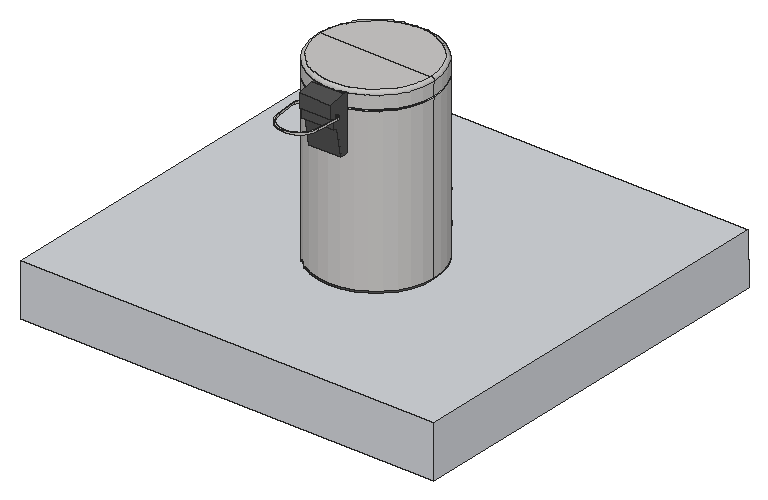
Revit family
Parameters (values of type "as Specified")
  Warranty Duration (Years) = 0
  Unit Width = 0' - 8 9/32"
  Unit Height = 1' - 0 3/4"
  Unit Depth = 1' - 1 1/2"
  URL = "http://www.americanspecialties.com/viewCategories.cfm"
  Fixture Material [instance] = Metal - Stainless Steel
  Test Data = ""
  Specification = "http://www.arcat.com/sdspecs/htm/10810asi.htm"
  SpecWizard = ""
  Send Message = "http://www.arcat.com/users.pl?action=UserEmail&company=American%20Specialties,%20Inc.&coid=30448&rep=139&fax=914-476-0688&mf="
  Sales Information = "http://www.americanspecialties.com/contact"
  Revision = "R1_2014-10"
  Product Properties = "http://www.americanspecialties.com/datasheets/7317.pdf"
  Product Data = "http://www.arcat.com/arcatcos/cos30/arc30448.html"
  Model = "7317"
  Manufacturer Website = "http://www.americanspecialties.com/viewCategories.cfm"
  Manufacturer Phone - Toll Free = ""
  Manufacturer Phone = "914-476-9000 "
  Manufacturer Fax = "914-476-0688"
  Manufacturer Address = "441 Saw Mill River Rd., Yonkers, NY 10701"
  Manufacturer = "American Specialties, Inc."
  Maintenance Schedule (Months) = 0
  Keynote = "10 28 13"
  Installation-Fabrication = "http://www.americanspecialties.com/products.cfm"
  Green Building-LEED = ""
  Expected Lifespan (Years) = 0
  Drawn By = "Sumex Design, Inc. / Robert S. Weygant. CSI, CDT, SCIP"
  Description = "ASI Freestanding Covered Waste Receptacle - Omara Collection 7317"
  Default Elevation = 0' - 0"
  Copyright = "©Arcat Inc."
  Construction Details = "http://www.arcat.com/green/clients/leed_data_30448.html"
  Capacity = "2 gal Waste"
  Building Codes = "http://www.americanspecialties.com/products.cfm"
  Parts Finish [instance] = Plastic - Black Formed Plastic
  Assembly Code = "C1030210"
Reference planes (in)
  plane 1 "Floor Line": z = 0
  plane 2 "Center (Left/Right)": x = 14.90407
  plane 3: x = 10.76344
  plane 4: x = 19.04469
  plane 5: y = -21.12654
  plane 6: z = 12.75
  plane 7: y = -26.47029
  plane 8: z = 11.625
  plane 9: z = 11.5
  plane 10: y = -15.78279
  plane 11: y = -29.22029
  plane 12: z = 20.87883
Forms (in)
  Extrusion 1, solid
    sketch origin (-2.65843, -11.79112, -6) x (0, 0, -1) y (1, 0, 0)
      loop
        line (-2.33033, 31.77323) -> (-6, 31.77323) -> (-6, 2.5625) -> (-2.33033, 2.5625) -> (-2.33033, 31.77323)
    from 21.99167 to -5.82551
  Extrusion 2, solid, material "Metal - Stainless Steel" <- "Fixture Material"
    sketch origin (0, 0, 0) x (1, 0, 0) y (0, 1, 0)
      loop
        circle (14.90407, -21.12654) r 4.14062
    from 0.11949 to 11.5
  Extrusion 3, solid, material "Plastic - Black Formed Plastic" <- "Parts Finish"
    sketch origin (0, 0, 0) x (1, 0, 0) y (0, 1, 0)
      loop
        circle (14.90407, -21.12654) r 4.14062
    from 0 to 0.11949
  Extrusion 4, solid, material "Plastic - Black Formed Plastic" <- "Parts Finish"
    sketch origin (0, 0, 0) x (1, 0, 0) y (0, 1, 0)
      loop
        line (13.77907, -17.58646) -> (16.02907, -17.58646) -> (16.02907, -15.78279) -> (13.77907, -15.78279) -> (13.77907, -17.58646)
    from 0 to 0.30046
  Revolve 5, solid, material "Metal - Stainless Steel" <- "Fixture Material"
    sketch origin (-9.15843, -21.12654, 48) x (1, 0, 0) y (0, 0, 1)
      loop
        line (24.0625, -36.375) -> (24.0625, -35.25) -> (20.15625, -35.25)
        arc (20.15625, -35.25) -> (19.99052, -35.31865) -> (19.92188, -35.48437) r 0.23438
        line (19.92188, -35.48437) -> (19.92188, -36.375) -> (24.0625, -36.375)
      axis (24.0625, -35.25) -> (24.0625, -36.375)
    angle from 0 to 360
  Extrusion 6, solid, material "Plastic - Black Formed Plastic" <- "Parts Finish"
    sketch origin (14.90407, 0, 0) x (0, 1, 0) y (0, 0, 1)
      loop
        line (-24.6465, 8.64176) -> (-24.6465, 12.5) -> (-25.32966, 12.5) -> (-26.47029, 12.29888) -> (-26.47029, 11.36138) -> (-26.22029, 11.36138) -> (-26.22029, 10.61138) -> (-25.97029, 10.61138) -> (-25.62299, 8.64176) -> (-24.6465, 8.64176)
    from -1.125 to 1.125
  Extrusion 7, solid, material "Metal - Stainless Steel" <- "Fixture Material"
    sketch origin (0, 0, 0) x (1, 0, 0) y (0, 1, 0)
      loop
        line (13.42203, -26.47029) -> (13.55488, -27.9888)
        arc (13.55488, -27.9888) -> (14.90407, -29.2251) -> (16.25325, -27.9888) r 1.35434
        line (16.25325, -27.9888) -> (16.3861, -26.47029)
        arc (16.3861, -26.47029) -> (16.28153, -26.21782) -> (16.02907, -26.11325) r 0.35704
        line (16.02907, -26.11325) -> (13.77907, -26.11325)
        arc (13.77907, -26.11325) -> (13.5266, -26.21782) -> (13.42203, -26.47029) r 0.35704
      loop
        line (16.02907, -26.05075) -> (13.77907, -26.05075)
        arc (13.77907, -26.05075) -> (13.48141, -26.17463) -> (13.35954, -26.47313) r 0.41954
        line (13.35954, -26.47313) -> (13.49262, -27.99424)
        arc (13.49262, -27.99424) -> (14.90407, -29.2876) -> (16.31551, -27.99424) r 1.41684
        line (16.31551, -27.99424) -> (16.44859, -26.47313)
        arc (16.44859, -26.47313) -> (16.32673, -26.17463) -> (16.02907, -26.05075) r 0.41954
    from 11.46363 to 11.56737
  Extrusion 8, solid, material "Plastic - Black Formed Plastic" <- "Parts Finish"
    sketch origin (0, 0, 0) x (1, 0, 0) y (0, 1, 0)
      loop
        circle (14.90407, -21.12654) r 4
    from 11.5 to 11.625
  Extrusion 9, solid, material "Plastic - Black Formed Plastic" <- "Parts Finish"
    sketch origin (14.90407, 0.0625, 0) x (0, 1, 0) y (0, 0, 1)
      loop
        line (-17.58646, 1.82434) -> (-15.85126, 2.28929) -> (-15.95092, 2.66123) -> (-17.58646, 2.22298) -> (-17.58646, 1.82434)
    from -1.125 to 1.125
  Extrusion 10, solid, material "Plastic - Black Formed Plastic" <- "Parts Finish"
    sketch origin (14.90407, 0.0625, 0) x (0, 1, 0) y (0, 0, 1)
      loop
        line (-16.07166, 2.62887) -> (-16.10141, 2.7399) -> (-16.94574, 2.51366) -> (-16.94574, 2.39466) -> (-16.07166, 2.62887)
    from -1.07559 to 1.05114
Lines and regions (in)
  symbolic lines, style "SpecialityEquipmentHiddenLines"
    curve 1: line (14.90407, -26.09813, 11.5) -> (14.90407, -23.66716, 20.57249)
    curve 2: line (14.90407, -23.66716, 20.57249) -> (14.90407, -24.55657, 20.81081)
    curve 3: line (14.90407, -26.8131, 13.02282) -> (14.90407, -24.75739, 20.69487)
    curve 4: arc (14.90407, -24.75739, 20.69487) -> (14.90407, -24.68099, 20.79443) -> (14.90407, -24.55657, 20.81081) r 0.16397
    curve 5: line (14.90407, -25.81787, 12.54592) -> (14.90407, -26.66951, 12.77412)
    curve 6: arc (14.90407, -26.66951, 12.77412) -> (14.90407, -26.79282, 12.86873) -> (14.90407, -26.8131, 13.02282) r 0.20307
    curve 7: line (14.90407, -26.66951, 12.77412) -> (14.90407, -26.66951, 11.6531)
    curve 8: line (14.90407, -26.09813, 11.5) -> (14.90407, -26.66951, 11.6531)
    curve 9: line (10.76344, -16.53279, 12.75) -> (10.76344, -16.53279, 20.87883)
    curve 10: line (10.76344, -16.53279, 20.87883) -> (19.04469, -16.53279, 20.87883)
    curve 11: line (19.04469, -16.53279, 20.87883) -> (19.04469, -16.53279, 12.75)
Dimensions and locks (in)
  equal spacing: plane 3, plane 2 "Center (Left/Right)", plane 4
  "Unit Width": plane 3 to plane 4
  "Unit Height": plane 6 to level
  locked: plane 6 to plane 8 at 1.125
  locked: plane 8 to plane 9 at 0.125
  plane 7 to plane 10 = 0' - 10 11/16"
  locked: plane 11 to plane 7 at 2.75
  locked: plane 12 to plane 6 at 8.12883
  aligned and locked: Extrusion 2 to plane 9
Automatic sketch dimensions
  Extrusion 1 sketch curve to Extrusion 1 sketch curve = 0' - 3.66967"
  Extrusion 1 sketch curve to Extrusion 1 sketch curve = 2' - 5.21073"
  Extrusion 2 sketch curve to plane 2 "Center (Left/Right)" = 0' - 0"
  plane 5 to Extrusion 2 sketch curve = 0' - 0"
  Extrusion 3 sketch curve to plane 2 "Center (Left/Right)" = 0' - 0"
  plane 5 to Extrusion 3 sketch curve = 0' - 0"
  plane 10 to Extrusion 4 sketch curve = 0' - 0"
  Extrusion 4 sketch curve to plane 2 "Center (Left/Right)" = 0' - 1 1/8"
  plane 2 "Center (Left/Right)" to Extrusion 4 sketch curve = 0' - 1 1/8"
  Extrusion 4 sketch curve to Extrusion 4 sketch curve = 0' - 1.80367"
  Revolve 5 sketch curve to plane 3 = 0' - 0"
  Revolve 5 sketch curve to plane 6 = 0' - 0"
  Revolve 5 sketch curve to plane 2 "Center (Left/Right)" = 0' - 0"  (x2)
  Revolve 5 sketch curve to plane 8 = 0' - 0"
  plane 3 to Revolve 5 sketch curve = 0' - 0 15/64"
  Revolve 5 sketch curve to plane 9 = 0' - 3 3/4"
  Revolve 5 sketch curve to Revolve 5 sketch curve = 0' - 4 1/4"
  Extrusion 6 sketch curve to plane 7 = 0' - 0"
  Extrusion 6 sketch curve to plane 7 = 0' - 0 1/4"
  Extrusion 6 sketch curve to Extrusion 6 sketch curve = 0' - 0 1/4"
  Extrusion 6 sketch curve to plane 7 = 0' - 0.8473"
  Extrusion 6 sketch curve to plane 6 = 0' - 0 1/4"
  Extrusion 6 sketch curve to plane 7 = 0' - 1 9/64"
  Extrusion 6 sketch curve to Extrusion 6 sketch curve = 0' - 0.97649"
  Extrusion 6 sketch curve to plane 6 = 0' - 0.45112"
  Extrusion 6 sketch curve to plane 9 = 0' - 0.13862"
  Extrusion 6 sketch curve to Extrusion 6 sketch curve = 0' - 0 3/4"
  Extrusion 6 sketch curve to Extrusion 6 sketch curve = 0' - 1.96962"
  Extrusion 7 sketch curve to Extrusion 7 sketch curve = 0' - 0"  (x6)
  plane 7 to Extrusion 7 sketch curve = 0' - 0"  (x2)
  Extrusion 7 sketch curve to plane 2 "Center (Left/Right)" = 0' - 0"
  Extrusion 7 sketch curve to plane 7 = 0' - 0.35704"
  Extrusion 7 sketch curve to plane 2 "Center (Left/Right)" = 0' - 1 1/8"
  Extrusion 7 sketch curve to plane 2 "Center (Left/Right)" = 0' - 1.34918"
  Extrusion 7 sketch curve to Extrusion 7 sketch curve = 0' - 0.06226"  (x2)
  plane 7 to Extrusion 7 sketch curve = 0' - 0.00284"  (x2)
  Extrusion 7 sketch curve to Extrusion 7 sketch curve = 0' - 0 1/16"
  plane 2 "Center (Left/Right)" to Extrusion 7 sketch curve = 0' - 1 1/8"
  plane 11 to Extrusion 7 sketch curve = 0' - 1.23149"
  plane 2 "Center (Left/Right)" to Extrusion 7 sketch curve = 0' - 1.34918"
  Extrusion 7 sketch curve to Extrusion 7 sketch curve = 0' - 0.00545"
  plane 11 to Extrusion 7 sketch curve = 0' - 1.34953"
  Extrusion 8 sketch curve to plane 2 "Center (Left/Right)" = 0' - 0"
  plane 5 to Extrusion 8 sketch curve = 0' - 0"
  plane 10 to Extrusion 9 sketch curve = 0' - 1.74117"
  plane 10 to Extrusion 9 sketch curve = 0' - 0.10563"
  plane 10 to Extrusion 9 sketch curve = 0' - 0.00597"
  level to Extrusion 9 sketch curve = 0' - 1.82434"
  Extrusion 9 sketch curve to Extrusion 9 sketch curve = 0' - 0.39864"
  plane 10 to Extrusion 10 sketch curve = 0' - 1.10045"
  plane 10 to Extrusion 10 sketch curve = 0' - 0.25612"
  Extrusion 10 sketch curve to Extrusion 10 sketch curve = 0' - 0.02975"
  level to Extrusion 10 sketch curve = 0' - 2.39466"
  Extrusion 10 sketch curve to Extrusion 10 sketch curve = 0' - 0.119"
  curve 1 to plane 9 = 0' - 0"
  plane 6 to curve 6 = 0' - 0.27282"
  plane 6 to curve 7 = 0' - 0.02412"
  curve 3 to curve 7 = 0' - 0.14359"
  plane 8 to curve 8 = 0' - 0.0281"
  curve 3 to curve 6 = 0' - 0.19615"
  curve 8 to plane 7 = 0' - 0.37216"
  curve 5 to plane 6 = 0' - 0.20408"
  curve 3 to plane 7 = 0' - 1.7129"
  curve 4 to curve 4 = 0' - 0.15838"
  curve 4 to curve 2 = 0' - 0.04244"
  curve 4 to curve 2 = 0' - 0.15838"
  curve 4 to curve 1 = 0' - 0.88941"
  curve 9 to plane 3 = 0' - 0"
  curve 11 to plane 4 = 0' - 0"
  curve 11 to plane 6 = 0' - 0"
  curve 9 to plane 6 = 0' - 0"
  curve 10 to plane 12 = 0' - 0"
  radius of Extrusion 2 sketch curve = 0' - 4 9/64"
  radius of Extrusion 3 sketch curve = 0' - 4 9/64"
  radius of Extrusion 8 sketch curve = 0' - 4"
